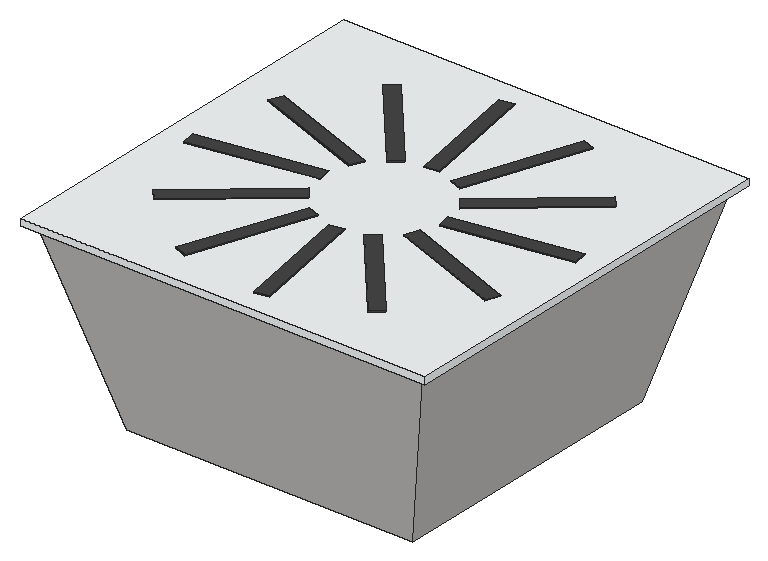
Revit family "HVAC_Ductwork_Airzone_Swirl-Diffuser_DRPL-PX1", category Air Terminals, host Face, Revit 2016
Family settings
  Host = Face
  Part Type = Normal
  Round Connector Dimension = Use Diameter
  OmniClass Number = 23.75.70.21
  OmniClass Title = Terminals for Air
  Cut with Voids When Loaded = No
  Shared = No
  Room Calculation Point = Yes
Parameters (values of type "INVALID TYPE - Use Load Family and Type Catalog")
  c8 = -0.9302  # constant formula
  c7 = 0.02258  # constant formula
  c6 = 73.32  # constant formula
  c5 = 32.08  # constant formula
  c4 = -253.5  # constant formula
  c3 = -23.62  # constant formula
  c2 = -1.683  # constant formula
  c1 = 0.000479  # constant formula
  Velocity [instance] = (Q / (36 * Ak)) * 1.0 m/s  # 2.77778 m/s
  URL = "www.airzone.es"
  Type Image Comments = "Image available in product documentation download"  # constant formula
  Type Comments = ""
  Throw Distance [instance] = round((c7 * (Ak ^ c8) * Q) * 1000) * 1 mm  # 2370 mm
  Sound Level in dBA [instance] = round((c3 + (c4 * log(Ak))) + ((c5 + (c6 * log(Ak))) * log(Q)))  # 25
  Revit Model Version = "1.0"  # constant formula
  Q [instance] = Flow / 1 m³/h  # 200
  Product Documentation Download URL = "http://doc.airzone.es/BIM/AirQ/Airzone_DRPL.zip"
  Product Comments = "Refer to technical documentation for further details"  # constant formula
  Product Code = "INVALID – Type not loaded via type catalog"
  Pressure Drop [instance] = ((c1 * (Ak ^ c2)) * (Q ^ 2)) * 1.0 Pa  # 5.96708 Pa
  Model = Product Code  # "INVALID – Type not loaded via type catalog"
  Min Flow = 100 m³/h
  Max Flow = 600 m³/h
  Manufacturer = "AIRZONE"  # constant formula
  Main Material = Metal - AIRZONE - Steel Sheet - White (RAL 9010)
  Long Description = "Square swirl diffuser DRPL integrated in plaque to enable the air flow supply creating an efficient swirl. Designed to be installed in HVAC ducted networks."  # constant formula
  Front Type = DRPL_Diffuser : 12 Elements
  Flow [instance] = 200 m³/h
  Fixing = "Modular ceiling profile"  # constant formula
  Finish = "White (RAL 9010)"
  Element Material = Hollow - AIRZONE - Deep Black
  Effective Area = Ak * 100.00 cm²  # 200.00 cm²
  Duct Diameter = 200 mm
  Disclaimer = "All information provided in this model is reviewed before being published. However, Airzone cannot guarantee this model is error-free, therefore users are strongly encouraged to check for technical documentation and updates"  # constant formula
  Description = "Swirl diffuser for modular ceiling"  # constant formula
  Default Elevation = 0 mm
  Compatible Accesories = "Insulated flexible duct (TFTA) and non-insulated flexible duct (TFST)\r\nInsulated plenum for round duct diffusers (PLEADROT) and non-insulated plenum for round duct diffusers (PLEDROT)"  # constant formula
  Ak = 2
  Accessories Material = Metal - AIRZONE - Galvanized Sheet - Semi-polished
Reference planes
  plane 1 "Center (Front/Back)": y = 0
  plane 2: z = 0
  plane 3 "Center (Left/Right)": x = 0
  plane 4 "Left": x = -300
  plane 5 "Right": x = 300
  plane 6 "Back": y = 300
  plane 7 "Front": y = -300
Forms (mm)
  Extrusion 1, void
    sketch origin (0, 0, 0) x (1, 0, 0) y (0, 1, 0)
      loop
        line (-297.5, 297.5) -> (-297.5, -297.5) -> (297.5, -297.5) -> (297.5, 297.5) -> (-297.5, 297.5)
    from -300 to 300
Dimensions and locks
  plane 4 "Left" to plane 3 "Center (Left/Right)" to plane 5 "Right" = 300 mm locked, 300 mm locked
  plane 7 "Front" to plane 1 "Center (Front/Back)" to plane 6 "Back" = 300 mm locked, 300 mm locked
  aligned and locked: plane 2 to host face
  aligned and locked: level to host face
  aligned and locked: nested 1 to plane 3 "Center (Left/Right)"
  aligned and locked: nested 1 to plane 1 "Center (Front/Back)"
  aligned and locked: nested 2 to plane 3 "Center (Left/Right)"
  aligned and locked: nested 2 to plane 1 "Center (Front/Back)"
Nested families
  nested 1: "DRPL_Diffuser" at (0, 0, 0) x (1, 0, 0) z (0, 0, -1), Main Material <- "Main Material", type <- "Front Type", Accessories Material <- "Element Material", type "12 Elements"
    with Main Material Metal - AIRZONE - Steel Sheet - White (RAL 9010), Length 595 mm, Accessories Material Hollow - AIRZONE - Deep Black
  nested 2: "DRPL_Plenum" at (0, 0, -10) x (1, 0, 0) z (0, 0, -1), Main Material <- "Accessories Material", Duct Diameter <- "Duct Diameter", type "Standard"
    with Main Material Metal - AIRZONE - Galvanized Sheet - Semi-polished, Duct Diameter 200 mm
Connectors
  hvac at (0, 301.158, -162.29), driven by "Pressure Drop", driven by "Flow", driven by "Duct Diameter"
    settings: on nested 2, index 1, duct flow 200 m³/h, flow factor 0, pres drop 5.96708 Pa, loss coef 0, conn angle 0.00°, conn width 304.8 mm, conn height 304.8 mm, conn diameter 200 mm, duct sys type 1, conn prof type 0, flow config 1, flow direction 1, loss method 4, conn ref index -1, conn util no, is conn primary yes, conn desc "Supply Air"
Definition of nested family "DRPL_Diffuser"
  Parameters (values of type "48 Elements")
    URL = "www.airzone.es"
    Type Comments = ""
    Revit Model Version = "1.0"  # constant formula
    Revit Model Author URL = "www.a3d.es"
    Revit Model Author = "A3D Consulting"  # constant formula
    Min Flow = 0 m³/h
    Max Flow = 0 m³/h
    Manufacturer = "AIRZONE"  # constant formula
    Main Material [instance] = none
    Length [instance] = 595 mm  # constant formula
    Instances Per Element Type = 12
    Element III = yes
    Element II Rotation Angle = 0.00°
    Element II Position Offset = 120.7 mm
    Element II Position Angle = 75.00°
    Element II = yes
    Element I Rotation Angle = 0.00°
    Element I Position Offset = 85.5 mm
    Element I Position Angle = 90.00°
    Default Elevation = 0 mm
    Accessories Material [instance] = none
  Types (6, lengths in mm): name | Instances Per Element Type | Element III | Element II Rotation Angle | Element II Position Offset | Element II Position Angle | Element II | Element I Rotation Angle | Element I Position Offset | Element I Position Angle
    12 Elements | 12 | no | 45.00° | 200 | 45.00° | no | 10.00° | 87.6 | 90.00°
    16 Elements | 16 | no | 45.00° | 200 | 45.00° | no | 10.00° | 87.6 | 90.00°
    20 Elements | 20 | no | 45.00° | 200 | 45.00° | no | 25.00° | 91.5 | 90.00°
    30 Elements | 15 | no | 7.30° | 186.6 | 80.30° | yes | 15.23° | 88.3 | 76.23°
    36 Elements | 18 | no | 7.14° | 186.6 | 82.14° | yes | 15.23° | 88.3 | 80.23°
    48 Elements | 12 | yes | 0.00° | 120.7 | 75.00° | yes | 0.00° | 85.5 | 90.00°
  Reference planes
    plane 1 "Center (Front/Back)": y = 0
    plane 2: z = 0
    plane 3 "Center (Left/Right)": x = 0
    plane 4: x = -297.5
    plane 5: x = 297.5
    plane 6: y = -297.5
    plane 7: y = 297.5
    plane 8 "Top": z = 10
  Forms (mm)
    Extrusion 1, solid, material <- "Main Material"
      sketch origin (0, 0, 0) x (1, 0, 0) y (0, 1, 0)
        loop
          line (-297.5, 297.5) -> (-297.5, -297.5) -> (297.5, -297.5) -> (297.5, 297.5) -> (-297.5, 297.5)
      from 0 to 10
  Lines and regions (mm)
    Masking region 1
      outline origin (0, 0, 0) x (1, 0, 0) y (0, 1, 0)
        loop
          line (-297.5, 297.5) -> (-297.5, -297.5) -> (297.5, -297.5) -> (297.5, 297.5) -> (-297.5, 297.5)
  Dimensions and locks
    equal spacing: plane 4, plane 3 "Center (Left/Right)", plane 5
    "Length": plane 4 to plane 5
    equal spacing: plane 6, plane 1 "Center (Front/Back)", plane 7
    "Length": plane 6 to plane 7
    locked: plane 8 "Top" to level at 10
    aligned and locked: level to plane 2
    aligned and locked: Extrusion 1 sketch curve to plane 4
    aligned and locked: plane 7 to Extrusion 1 sketch curve
    aligned and locked: Extrusion 1 sketch curve to plane 5
    aligned and locked: plane 6 to Extrusion 1 sketch curve
    aligned and locked: Masking region 1 sketch curve to plane 4
    aligned and locked: plane 7 to Masking region 1 sketch curve
    aligned and locked: Masking region 1 sketch curve to plane 5
    aligned and locked: plane 6 to Masking region 1 sketch curve
    aligned and locked: plane 3 "Center (Left/Right)" to nested 1
    aligned and locked: plane 1 "Center (Front/Back)" to nested 1
    aligned and locked: plane 3 "Center (Left/Right)" to nested 13
    aligned and locked: plane 1 "Center (Front/Back)" to nested 13
    aligned and locked: plane 1 "Center (Front/Back)" to nested 25
    aligned and locked: plane 3 "Center (Left/Right)" to nested 25
  Nested families
    nested 1: "DRPL_Element" at (0, 0, 0), Accessories Material <- "Accessories Material", Position Offset <- "Element I Position Offset", Position Angle <- "Element I Position Angle", Rotation Angle <- "Element I Rotation Angle", type "Standard"
      with Rotation Angle 0.00°, Position Offset 85.5 mm, Position Angle 90.00°, Length 179 mm, Accessories Material none
    nested 2: "DRPL_Element" at (0, 0, 0) x (0.866, -0.5, 0) z (0, 0, 1), Accessories Material <- "Accessories Material", Position Offset <- "Element I Position Offset", Position Angle <- "Element I Position Angle", Rotation Angle <- "Element I Rotation Angle", type "Standard"
      with Rotation Angle 0.00°, Position Offset 85.5 mm, Position Angle 90.00°, Length 179 mm, Accessories Material none
    nested 3: "DRPL_Element" at (0, 0, 0) x (0.866, 0.5, 0) z (0, 0, 1), Accessories Material <- "Accessories Material", Position Offset <- "Element I Position Offset", Position Angle <- "Element I Position Angle", Rotation Angle <- "Element I Rotation Angle", type "Standard"
      with Rotation Angle 0.00°, Position Offset 85.5 mm, Position Angle 90.00°, Length 179 mm, Accessories Material none
    nested 4: "DRPL_Element" at (0, 0, 0) x (0.5, 0.866, 0) z (0, 0, 1), Accessories Material <- "Accessories Material", Position Offset <- "Element I Position Offset", Position Angle <- "Element I Position Angle", Rotation Angle <- "Element I Rotation Angle", type "Standard"
      with Rotation Angle 0.00°, Position Offset 85.5 mm, Position Angle 90.00°, Length 179 mm, Accessories Material none
    nested 5: "DRPL_Element" at (0, 0, 0) x (0, 1, 0) z (0, 0, 1), Accessories Material <- "Accessories Material", Position Offset <- "Element I Position Offset", Position Angle <- "Element I Position Angle", Rotation Angle <- "Element I Rotation Angle", type "Standard"
      with Rotation Angle 0.00°, Position Offset 85.5 mm, Position Angle 90.00°, Length 179 mm, Accessories Material none
    nested 6: "DRPL_Element" at (0, 0, 0) x (-0.5, 0.866, 0) z (0, 0, 1), Accessories Material <- "Accessories Material", Position Offset <- "Element I Position Offset", Position Angle <- "Element I Position Angle", Rotation Angle <- "Element I Rotation Angle", type "Standard"
      with Rotation Angle 0.00°, Position Offset 85.5 mm, Position Angle 90.00°, Length 179 mm, Accessories Material none
    nested 7: "DRPL_Element" at (0, 0, 0) x (-0.866, 0.5, 0) z (0, 0, 1), Accessories Material <- "Accessories Material", Position Offset <- "Element I Position Offset", Position Angle <- "Element I Position Angle", Rotation Angle <- "Element I Rotation Angle", type "Standard"
      with Rotation Angle 0.00°, Position Offset 85.5 mm, Position Angle 90.00°, Length 179 mm, Accessories Material none
    nested 8: "DRPL_Element" at (0, 0, 0) x (-1, 0, 0) z (0, 0, 1), Accessories Material <- "Accessories Material", Position Offset <- "Element I Position Offset", Position Angle <- "Element I Position Angle", Rotation Angle <- "Element I Rotation Angle", type "Standard"
      with Rotation Angle 0.00°, Position Offset 85.5 mm, Position Angle 90.00°, Length 179 mm, Accessories Material none
    nested 9: "DRPL_Element" at (0, 0, 0) x (-0.866, -0.5, 0) z (0, 0, 1), Accessories Material <- "Accessories Material", Position Offset <- "Element I Position Offset", Position Angle <- "Element I Position Angle", Rotation Angle <- "Element I Rotation Angle", type "Standard"
      with Rotation Angle 0.00°, Position Offset 85.5 mm, Position Angle 90.00°, Length 179 mm, Accessories Material none
    nested 10: "DRPL_Element" at (0, 0, 0) x (-0.5, -0.866, 0) z (0, 0, 1), Accessories Material <- "Accessories Material", Position Offset <- "Element I Position Offset", Position Angle <- "Element I Position Angle", Rotation Angle <- "Element I Rotation Angle", type "Standard"
      with Rotation Angle 0.00°, Position Offset 85.5 mm, Position Angle 90.00°, Length 179 mm, Accessories Material none
    nested 11: "DRPL_Element" at (0, 0, 0) x (0, -1, 0) z (0, 0, 1), Accessories Material <- "Accessories Material", Position Offset <- "Element I Position Offset", Position Angle <- "Element I Position Angle", Rotation Angle <- "Element I Rotation Angle", type "Standard"
      with Rotation Angle 0.00°, Position Offset 85.5 mm, Position Angle 90.00°, Length 179 mm, Accessories Material none
    nested 12: "DRPL_Element" at (0, 0, 0) x (0.5, -0.866, 0) z (0, 0, 1), Accessories Material <- "Accessories Material", Position Offset <- "Element I Position Offset", Position Angle <- "Element I Position Angle", Rotation Angle <- "Element I Rotation Angle", type "Standard"
      with Rotation Angle 0.00°, Position Offset 85.5 mm, Position Angle 90.00°, Length 179 mm, Accessories Material none
    nested 13: "DRPL_Element" at (0, 0, 0), Position Offset <- "Element II Position Offset", Position Angle <- "Element II Position Angle", Rotation Angle <- "Element II Rotation Angle", Accessories Material <- "Accessories Material", visible <- "Element II", type "Standard"
      with Rotation Angle 0.00°, Position Offset 120.7 mm, Position Angle 75.00°, Length 79 mm, Accessories Material none
    nested 14: "DRPL_Element" at (0, 0, 0) x (0.866, -0.5, 0) z (0, 0, 1), Position Offset <- "Element II Position Offset", Position Angle <- "Element II Position Angle", Rotation Angle <- "Element II Rotation Angle", Accessories Material <- "Accessories Material", visible <- "Element II", type "Standard"
      with Rotation Angle 0.00°, Position Offset 120.7 mm, Position Angle 75.00°, Length 79 mm, Accessories Material none
    nested 15: "DRPL_Element" at (0, 0, 0) x (0.866, 0.5, 0) z (0, 0, 1), Position Offset <- "Element II Position Offset", Position Angle <- "Element II Position Angle", Rotation Angle <- "Element II Rotation Angle", Accessories Material <- "Accessories Material", visible <- "Element II", type "Standard"
      with Rotation Angle 0.00°, Position Offset 120.7 mm, Position Angle 75.00°, Length 79 mm, Accessories Material none
    nested 16: "DRPL_Element" at (0, 0, 0) x (0.5, 0.866, 0) z (0, 0, 1), Position Offset <- "Element II Position Offset", Position Angle <- "Element II Position Angle", Rotation Angle <- "Element II Rotation Angle", Accessories Material <- "Accessories Material", visible <- "Element II", type "Standard"
      with Rotation Angle 0.00°, Position Offset 120.7 mm, Position Angle 75.00°, Length 79 mm, Accessories Material none
    nested 17: "DRPL_Element" at (0, 0, 0) x (0, 1, 0) z (0, 0, 1), Position Offset <- "Element II Position Offset", Position Angle <- "Element II Position Angle", Rotation Angle <- "Element II Rotation Angle", Accessories Material <- "Accessories Material", visible <- "Element II", type "Standard"
      with Rotation Angle 0.00°, Position Offset 120.7 mm, Position Angle 75.00°, Length 79 mm, Accessories Material none
    nested 18: "DRPL_Element" at (0, 0, 0) x (-0.5, 0.866, 0) z (0, 0, 1), Position Offset <- "Element II Position Offset", Position Angle <- "Element II Position Angle", Rotation Angle <- "Element II Rotation Angle", Accessories Material <- "Accessories Material", visible <- "Element II", type "Standard"
      with Rotation Angle 0.00°, Position Offset 120.7 mm, Position Angle 75.00°, Length 79 mm, Accessories Material none
    nested 19: "DRPL_Element" at (0, 0, 0) x (-0.866, 0.5, 0) z (0, 0, 1), Position Offset <- "Element II Position Offset", Position Angle <- "Element II Position Angle", Rotation Angle <- "Element II Rotation Angle", Accessories Material <- "Accessories Material", visible <- "Element II", type "Standard"
      with Rotation Angle 0.00°, Position Offset 120.7 mm, Position Angle 75.00°, Length 79 mm, Accessories Material none
    nested 20: "DRPL_Element" at (0, 0, 0) x (-1, 0, 0) z (0, 0, 1), Position Offset <- "Element II Position Offset", Position Angle <- "Element II Position Angle", Rotation Angle <- "Element II Rotation Angle", Accessories Material <- "Accessories Material", visible <- "Element II", type "Standard"
      with Rotation Angle 0.00°, Position Offset 120.7 mm, Position Angle 75.00°, Length 79 mm, Accessories Material none
    nested 21: "DRPL_Element" at (0, 0, 0) x (-0.866, -0.5, 0) z (0, 0, 1), Position Offset <- "Element II Position Offset", Position Angle <- "Element II Position Angle", Rotation Angle <- "Element II Rotation Angle", Accessories Material <- "Accessories Material", visible <- "Element II", type "Standard"
      with Rotation Angle 0.00°, Position Offset 120.7 mm, Position Angle 75.00°, Length 79 mm, Accessories Material none
    nested 22: "DRPL_Element" at (0, 0, 0) x (-0.5, -0.866, 0) z (0, 0, 1), Position Offset <- "Element II Position Offset", Position Angle <- "Element II Position Angle", Rotation Angle <- "Element II Rotation Angle", Accessories Material <- "Accessories Material", visible <- "Element II", type "Standard"
      with Rotation Angle 0.00°, Position Offset 120.7 mm, Position Angle 75.00°, Length 79 mm, Accessories Material none
    nested 23: "DRPL_Element" at (0, 0, 0) x (0, -1, 0) z (0, 0, 1), Position Offset <- "Element II Position Offset", Position Angle <- "Element II Position Angle", Rotation Angle <- "Element II Rotation Angle", Accessories Material <- "Accessories Material", visible <- "Element II", type "Standard"
      with Rotation Angle 0.00°, Position Offset 120.7 mm, Position Angle 75.00°, Length 79 mm, Accessories Material none
    nested 24: "DRPL_Element" at (0, 0, 0) x (0.5, -0.866, 0) z (0, 0, 1), Position Offset <- "Element II Position Offset", Position Angle <- "Element II Position Angle", Rotation Angle <- "Element II Rotation Angle", Accessories Material <- "Accessories Material", visible <- "Element II", type "Standard"
      with Rotation Angle 0.00°, Position Offset 120.7 mm, Position Angle 75.00°, Length 79 mm, Accessories Material none
    nested 25: "DRPL_Element" at (0, 0, 0), Accessories Material <- "Accessories Material", visible <- "Element III", type "Standard"
      with Rotation Angle 100.17°, Position Offset 223.7 mm, Position Angle 85.17°, Length 79 mm, Accessories Material none
    nested 26: "DRPL_Element" at (0, 0, 0), Accessories Material <- "Accessories Material", visible <- "Element III", type "Standard"
      with Rotation Angle 98.94°, Position Offset 254.3 mm, Position Angle 83.94°, Length 79 mm, Accessories Material none
    nested 27: "DRPL_Element" at (0, 0, 0) x (0.866, -0.5, 0) z (0, 0, 1), Accessories Material <- "Accessories Material", visible <- "Element III", type "Standard"
      with Rotation Angle 100.17°, Position Offset 223.7 mm, Position Angle 85.17°, Length 79 mm, Accessories Material none
    nested 28: "DRPL_Element" at (0, 0, 0) x (0.866, -0.5, 0) z (0, 0, 1), Accessories Material <- "Accessories Material", visible <- "Element III", type "Standard"
      with Rotation Angle 98.94°, Position Offset 254.3 mm, Position Angle 83.94°, Length 79 mm, Accessories Material none
    nested 29: "DRPL_Element" at (0, 0, 0) x (0.866, 0.5, 0) z (0, 0, 1), Accessories Material <- "Accessories Material", visible <- "Element III", type "Standard"
      with Rotation Angle 100.17°, Position Offset 223.7 mm, Position Angle 85.17°, Length 79 mm, Accessories Material none
    nested 30: "DRPL_Element" at (0, 0, 0) x (0.866, 0.5, 0) z (0, 0, 1), Accessories Material <- "Accessories Material", visible <- "Element III", type "Standard"
      with Rotation Angle 98.94°, Position Offset 254.3 mm, Position Angle 83.94°, Length 79 mm, Accessories Material none
    nested 31: "DRPL_Element" at (0, 0, 0) x (0.5, 0.866, 0) z (0, 0, 1), Accessories Material <- "Accessories Material", visible <- "Element III", type "Standard"
      with Rotation Angle 100.17°, Position Offset 223.7 mm, Position Angle 85.17°, Length 79 mm, Accessories Material none
    nested 32: "DRPL_Element" at (0, 0, 0) x (0.5, 0.866, 0) z (0, 0, 1), Accessories Material <- "Accessories Material", visible <- "Element III", type "Standard"
      with Rotation Angle 98.94°, Position Offset 254.3 mm, Position Angle 83.94°, Length 79 mm, Accessories Material none
    nested 33: "DRPL_Element" at (0, 0, 0) x (0, 1, 0) z (0, 0, 1), Accessories Material <- "Accessories Material", visible <- "Element III", type "Standard"
      with Rotation Angle 100.17°, Position Offset 223.7 mm, Position Angle 85.17°, Length 79 mm, Accessories Material none
    nested 34: "DRPL_Element" at (0, 0, 0) x (0, 1, 0) z (0, 0, 1), Accessories Material <- "Accessories Material", visible <- "Element III", type "Standard"
      with Rotation Angle 98.94°, Position Offset 254.3 mm, Position Angle 83.94°, Length 79 mm, Accessories Material none
    nested 35: "DRPL_Element" at (0, 0, 0) x (-0.5, 0.866, 0) z (0, 0, 1), Accessories Material <- "Accessories Material", visible <- "Element III", type "Standard"
      with Rotation Angle 100.17°, Position Offset 223.7 mm, Position Angle 85.17°, Length 79 mm, Accessories Material none
    nested 36: "DRPL_Element" at (0, 0, 0) x (-0.5, 0.866, 0) z (0, 0, 1), Accessories Material <- "Accessories Material", visible <- "Element III", type "Standard"
      with Rotation Angle 98.94°, Position Offset 254.3 mm, Position Angle 83.94°, Length 79 mm, Accessories Material none
    nested 37: "DRPL_Element" at (0, 0, 0) x (-0.866, 0.5, 0) z (0, 0, 1), Accessories Material <- "Accessories Material", visible <- "Element III", type "Standard"
      with Rotation Angle 100.17°, Position Offset 223.7 mm, Position Angle 85.17°, Length 79 mm, Accessories Material none
    nested 38: "DRPL_Element" at (0, 0, 0) x (-0.866, 0.5, 0) z (0, 0, 1), Accessories Material <- "Accessories Material", visible <- "Element III", type "Standard"
      with Rotation Angle 98.94°, Position Offset 254.3 mm, Position Angle 83.94°, Length 79 mm, Accessories Material none
    nested 39: "DRPL_Element" at (0, 0, 0) x (-1, 0, 0) z (0, 0, 1), Accessories Material <- "Accessories Material", visible <- "Element III", type "Standard"
      with Rotation Angle 100.17°, Position Offset 223.7 mm, Position Angle 85.17°, Length 79 mm, Accessories Material none
    nested 40: "DRPL_Element" at (0, 0, 0) x (-1, 0, 0) z (0, 0, 1), Accessories Material <- "Accessories Material", visible <- "Element III", type "Standard"
      with Rotation Angle 98.94°, Position Offset 254.3 mm, Position Angle 83.94°, Length 79 mm, Accessories Material none
    nested 41: "DRPL_Element" at (0, 0, 0) x (-0.866, -0.5, 0) z (0, 0, 1), Accessories Material <- "Accessories Material", visible <- "Element III", type "Standard"
      with Rotation Angle 100.17°, Position Offset 223.7 mm, Position Angle 85.17°, Length 79 mm, Accessories Material none
    nested 42: "DRPL_Element" at (0, 0, 0) x (-0.866, -0.5, 0) z (0, 0, 1), Accessories Material <- "Accessories Material", visible <- "Element III", type "Standard"
      with Rotation Angle 98.94°, Position Offset 254.3 mm, Position Angle 83.94°, Length 79 mm, Accessories Material none
    nested 43: "DRPL_Element" at (0, 0, 0) x (-0.5, -0.866, 0) z (0, 0, 1), Accessories Material <- "Accessories Material", visible <- "Element III", type "Standard"
      with Rotation Angle 100.17°, Position Offset 223.7 mm, Position Angle 85.17°, Length 79 mm, Accessories Material none
    nested 44: "DRPL_Element" at (0, 0, 0) x (-0.5, -0.866, 0) z (0, 0, 1), Accessories Material <- "Accessories Material", visible <- "Element III", type "Standard"
      with Rotation Angle 98.94°, Position Offset 254.3 mm, Position Angle 83.94°, Length 79 mm, Accessories Material none
    nested 45: "DRPL_Element" at (0, 0, 0) x (0, -1, 0) z (0, 0, 1), Accessories Material <- "Accessories Material", visible <- "Element III", type "Standard"
      with Rotation Angle 100.17°, Position Offset 223.7 mm, Position Angle 85.17°, Length 79 mm, Accessories Material none
    nested 46: "DRPL_Element" at (0, 0, 0) x (0, -1, 0) z (0, 0, 1), Accessories Material <- "Accessories Material", visible <- "Element III", type "Standard"
      with Rotation Angle 98.94°, Position Offset 254.3 mm, Position Angle 83.94°, Length 79 mm, Accessories Material none
    nested 47: "DRPL_Element" at (0, 0, 0) x (0.5, -0.866, 0) z (0, 0, 1), Accessories Material <- "Accessories Material", visible <- "Element III", type "Standard"
      with Rotation Angle 100.17°, Position Offset 223.7 mm, Position Angle 85.17°, Length 79 mm, Accessories Material none
    nested 48: "DRPL_Element" at (0, 0, 0) x (0.5, -0.866, 0) z (0, 0, 1), Accessories Material <- "Accessories Material", visible <- "Element III", type "Standard"
      with Rotation Angle 98.94°, Position Offset 254.3 mm, Position Angle 83.94°, Length 79 mm, Accessories Material none
  Definition of nested family "DRPL_Element"
    Parameters (values of type "Standard")
      URL = "www.airzone.es"
      Type Comments = ""
      Rotation Angle [instance] = 45.00°
      Revit Model Version = "1.0"  # constant formula
      Revit Model Author URL = "www.a3d.es"
      Revit Model Author = "A3D Consulting"  # constant formula
      Position Angle [instance] = 45.00°
      Position Offset [instance] = 200 mm
      Min Flow = 0 m³/h
      Max Flow = 0 m³/h
      Manufacturer = "AIRZONE"  # constant formula
      Length [instance] = 179 mm
      Default Elevation = 0 mm
      Accessories Material [instance] = none
    Reference planes
      plane 1 "Center (Front/Back)": y = 0
      plane 2: z = 0
      plane 3 "Center (Left/Right)": x = 0
    Forms (mm)
      Extrusion 1, solid, material <- "Accessories Material", detail levels fine
        sketch origin (-141.421, 141.421, 0) x (-1, 0, 0) y (0, -1, 0)
          loop
            line (0, 10.5) -> (0, -10.5) -> (179, -10.5) -> (179, 10.5) -> (0, 10.5)
        from -1 to 0
    Lines and regions (mm)
      model lines, detail levels medium
        curve 1: line (-320.421, 141.421, 0) -> (-141.421, 141.421, 0)
      symbolic lines, detail levels medium
        curve 2: line (-141.421, 141.421, 0) -> (-320.421, 141.421, 0)
      symbolic lines, detail levels fine
        curve 3: line (-141.421, 151.921, 0) -> (-320.421, 151.921, 0)
        curve 4: line (-320.421, 151.921, 0) -> (-320.421, 130.921, 0)
        curve 5: line (-320.421, 130.921, 0) -> (-141.421, 130.921, 0)
        curve 6: line (-141.421, 130.921, 0) -> (-141.421, 151.921, 0)
      reference lines
        curve 7: line (0, 0, 0) -> (-141.421, 141.421, 0)
        curve 8: line (-141.421, 141.421, 0) -> (-320.421, 141.421, 0)
    Dimensions and locks
      "Position Offset": curve 7 to curve 7
      "Length": curve 8 to curve 8
      "Position Angle": angle curve 7 to plane 1 "Center (Front/Back)"
      "Rotation Angle": angle curve 7 to curve 8
      aligned and locked: level to plane 2
      aligned and locked: plane 1 "Center (Front/Back)" to curve 7
      aligned and locked: plane 3 "Center (Left/Right)" to curve 7
      aligned and locked: curve 4 to curve 8
      aligned and locked: Extrusion 1 sketch curve to curve 8
    Automatic sketch dimensions
      curve 8 to curve 7 = 0 mm  (x2)
      Extrusion 1 sketch curve to Extrusion 1 sketch curve = 21 mm
      curve 5 to curve 5 = 179 mm
      curve 3 to curve 2 = 10.5 mm
      curve 2 to curve 5 = 10.5 mm
      Extrusion 1 sketch curve to curve 8 = 0 mm
      Extrusion 1 sketch curve to curve 8 = 10.5 mm
      curve 2 to curve 8 = 0 mm
      curve 8 to curve 3 = 0 mm
      curve 3 to curve 8 = 10.5 mm
      curve 8 to curve 5 = 10.5 mm
      curve 1 to curve 8 = 0 mm
Definition of nested family "DRPL_Plenum"
  Parameters (values of type "Standard")
    URL = "www.airzone.es"
    Type Comments = ""
    Revit Model Version = "1.0"  # constant formula
    Revit Model Author URL = "www.a3d.es"
    Revit Model Author = "A3D Consulting"  # constant formula
    Min Flow = 0 m³/h
    Max Flow = 0 m³/h
    Manufacturer = "AIRZONE"  # constant formula
    Main Material [instance] = none
    Duct Diameter [instance] = 250 mm
    Default Elevation = 0 mm
  Reference planes
    plane 1 "Center (Front/Back)": y = 0
    plane 2: z = 0
    plane 3 "Center (Left/Right)": x = 0
    plane 4: through (4267.2, 247.25, 137.883) normal (0, 0.2582, -0.9661)
    plane 5: through (4267.2, 214.976, 258.644) normal (0, -0.2582, 0.9661)
    plane 6: through (4267.2, 525.768, 82.931) normal (0, 0.2582, -0.9661)
    plane 7: through (4267.2, 210.4, 275.766) normal (0, 0.9661, 0.2582)
  Forms (mm)
    Blend 1, solid, material <- "Main Material"
      base sketch origin (0, 0, 0) x (1, 0, 0) y (0, 1, 0)
        loop
          line (-284.1, 284.1) -> (-284.1, -284.1) -> (284.1, -284.1) -> (284.1, 284.1) -> (-284.1, 284.1)
      top sketch origin (0, 0, 0) x (1, 0, 0) y (0, 1, 0)
        loop
          line (-210.387, 210.4) -> (-210.387, -210.4) -> (210.387, -210.4) -> (210.387, 210.4) -> (-210.387, 210.4)
      from 0 to 275.766
    Revolve 2, solid, material <- "Main Material"
      sketch origin (0, 0, 0) x (0, 1, 0) y (0, 0, 1)
        loop
          line (247.25, 137.883) -> (301.158, 152.29) -> (268.884, 273.052) -> (214.976, 258.644) -> (247.25, 137.883)
        axis (301.158, 152.29) -> (247.25, 137.883)
      angle from 0 to 360
  Dimensions and locks
    equal spacing: Blend 1 sketch curve, plane 3 "Center (Left/Right)", Blend 1 sketch curve  (x2)
    locked: Blend 1 sketch curve to Blend 1 sketch curve at 568.2  (x2)
    equal spacing: Blend 1 sketch curve, plane 1 "Center (Front/Back)", Blend 1 sketch curve  (x2)
    locked: Blend 1 sketch curve to Blend 1 sketch curve at 420.773
    locked: Blend 1 sketch curve to Blend 1 sketch curve at 420.8
    equal spacing: plane 5, plane 4, plane 6
    "Duct Diameter": plane 5 to plane 6
    plane 7 to Revolve 2 sketch curve = 55.8 mm
    aligned and locked: level to plane 2
    aligned and locked: plane 7 to Revolve 2 sketch curve
    aligned and locked: Revolve 2 sketch curve to plane 5
    aligned and locked: Revolve 2 sketch curve to plane 4  (x2)
  Automatic sketch dimensions
    Revolve 2 sketch curve to level = 16.898 mm
    level to Revolve 2 sketch curve = 261.655 mm
